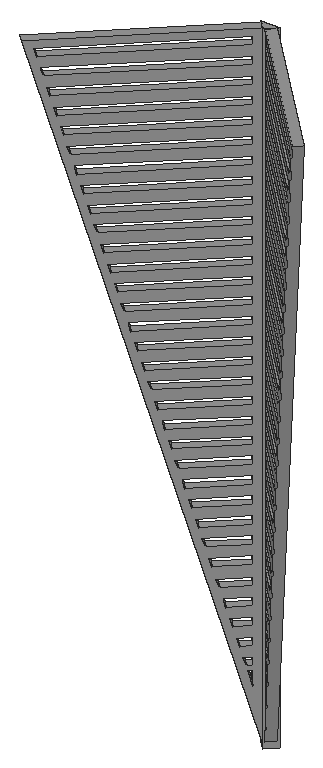
Revit family "MBS_shading panel3__down_45", category Generic Models, Revit 2014
Reference planes
  plane 1 "Center (Front/Back)": y = 0
  plane 2: z = 0
  plane 3 "Center (Left/Right)": x = 0
Dimensions and locks
  aligned and locked: level to plane 2
Nested families
  nested 1: "MBS_rounding mullion shading system3" at (100, -200, 0), type "MBS_rounding mullion shading system3"
    with rounding mullion height 2700 mm
  nested 2: "MBS_shading panel3" at (-123.793, -503.793, 25) x (-0.7071, -0.7071, 0) z (0.7071, -0.7071, 0), type "MBS_shading panel3"
    with shad panel thickness 40 mm, shad panel 1 void height 2700 mm
  nested 3: "MBS_shading panel3" at (-162.605, 62.605, 25) x (-0.7071, 0.7071, 0) z (-0.7071, -0.7071, 0), type "MBS_shading panel3"
    with shad panel thickness 40 mm, shad panel 1 void height 2700 mm
Definition of nested family "MBS_rounding mullion shading system3"
  Parameters (values of type "MBS_rounding mullion shading system3")
    rounding mullion mater = Steel, Galvanized rounding mull
    rounding mullion height [instance] = 2700 mm
    Default Elevation = 1219.2 mm
  Reference planes
    plane 1 "Center (Front/Back)": y = 0
    plane 2: z = 0
    plane 3 "Center (Left/Right)": x = 0
  Forms (mm)
    Extrusion 1, solid
      sketch origin (0, 0, 0) x (1, 0, 0) y (0, 1, 0)
        loop
          line (-1219.2, 1219.2) -> (-1219.2, -1219.2) -> (1219.2, -1219.2) -> (1219.2, 1219.2) -> (-1219.2, 1219.2)
      from 0 to -304.8
    Extrusion 2, solid, material "Steel, Galvanized rounding mull" <- "rounding mullion mater"
      sketch origin (0, 0, 0) x (1, 0, 0) y (0, 1, 0)
        loop
          line (0, 0) -> (40, -40) -> (80, 0) -> (0, 0)
      from 0 to 2700 <- "rounding mullion height"
  Dimensions and locks
    aligned and locked: plane 2 to Extrusion 1
    aligned and locked: level to Extrusion 1
Definition of nested family "MBS_shading panel3"
  Parameters (values of type "MBS_shading panel3")
    shading panel mater = Teak shading panel3
    shad panel thickness [instance] = 40 mm
    shad panel 1 void height [instance] = 2700 mm
    panel hole = 35 mm
    Default Elevation = 1219.2 mm
  Reference planes
    plane 1 "Center (Front/Back)": y = 0
    plane 2: z = 0
    plane 3 "Center (Left/Right)": x = 0
    plane 4: y = -281.851
    plane 5: y = -316.851
    plane 6: y = -356.851
    plane 7: y = -391.851
    plane 8: through (799.2, -206.851, 30) normal (0, -0.2841, -0.9588)
    plane 9: y = -431.851
    plane 10: y = -466.851
    plane 11: y = -506.851
    plane 12: y = -541.851
    plane 13: y = -581.851
    plane 14: y = -616.851
    plane 15: y = -661.851
    plane 16: y = -696.851
    plane 17: y = -736.851
    plane 18: y = -771.851
    plane 19: y = -811.851
    plane 20: y = -846.851
    plane 21: y = -886.851
    plane 22: y = -921.851
    plane 23: y = -961.851
    plane 24: y = -996.851
    plane 25: y = -1036.851
    plane 26: y = -1071.851
    plane 27: y = -1111.851
    plane 28: y = -1146.851
    plane 29: y = -1186.851
    plane 30: y = -1221.851
    plane 31: y = -1261.851
    plane 32: y = -1296.851
    plane 33: y = -1336.851
    plane 34: y = -1371.851
    plane 35: y = -1411.851
    plane 36: y = -1446.851
    plane 37: y = -1486.851
    plane 38: y = -1521.851
    plane 39: y = -1561.851
    plane 40: y = -1596.851
    plane 41: y = -1636.851
    plane 42: y = -1671.851
    plane 43: y = -1711.851
    plane 44: y = -1746.851
    plane 45: y = -1786.851
    plane 46: y = -1821.851
    plane 47: y = -1861.851
    plane 48: y = -1896.851
    plane 49: y = -1936.851
    plane 50: y = -1971.851
    plane 51: y = -2011.851
    plane 52: y = -2046.851
    plane 53: y = -2086.851
    plane 54: y = -2121.851
    plane 55: y = -2161.851
    plane 56: y = -2196.851
    plane 57: y = -2236.851
    plane 58: y = -2271.851
    plane 59: y = -2311.851
    plane 60: y = -2346.851
    plane 61: y = -2386.851
    plane 62: y = -2421.851
    plane 63: y = -2496.851
    plane 64: y = -2461.851
    plane 65: y = -2536.851
    plane 66: y = -2571.851
    plane 67: y = -2611.851
    plane 68: y = -2646.851
  Forms (mm)
    Extrusion 1, solid
      sketch origin (0, 0, 0) x (1, 0, 0) y (0, 1, 0)
        loop
          line (-1219.2, 1219.2) -> (-1219.2, -1219.2) -> (1219.2, -1219.2) -> (1219.2, 1219.2) -> (-1219.2, 1219.2)
      from 0 to -304.8
    Extrusion 2, solid, material "Teak shading panel3" <- "shading panel mater"
      sketch origin (-420, -1442.49, -227.833) x (0, 0, -1) y (0, 1, 0)
        loop
          line (-227.833, 1442.49) -> (-1020.426, -1232.51) -> (-227.833, -1232.51) -> (-227.833, 1442.49)
        loop
          line (-257.833, 1235.639) -> (-275.611, 1175.639) -> (-257.833, 1175.639) -> (-257.833, 1235.639)
        loop
          line (-257.833, 1160.639) -> (-280.056, 1160.639) -> (-290.426, 1125.639) -> (-257.833, 1125.639) -> (-257.833, 1160.639)
        loop
          line (-257.833, 1085.639) -> (-302.278, 1085.639) -> (-312.648, 1050.639) -> (-257.833, 1050.639) -> (-257.833, 1085.639)
        loop
          line (-257.833, 1010.639) -> (-324.5, 1010.639) -> (-334.87, 975.639) -> (-257.833, 975.639) -> (-257.833, 1010.639)
        loop
          line (-257.833, 860.639) -> (-368.944, 860.639) -> (-379.315, 825.639) -> (-257.833, 825.639) -> (-257.833, 860.639)
        loop
          line (-257.833, 935.639) -> (-346.722, 935.639) -> (-357.093, 900.639) -> (-257.833, 900.639) -> (-257.833, 935.639)
        loop
          line (-257.833, 780.639) -> (-392.648, 780.639) -> (-403.019, 745.639) -> (-257.833, 745.639) -> (-257.833, 780.639)
        loop
          line (-257.833, 705.639) -> (-414.87, 705.639) -> (-425.241, 670.639) -> (-257.833, 670.639) -> (-257.833, 705.639)
        loop
          line (-257.833, 630.639) -> (-437.093, 630.639) -> (-447.463, 595.639) -> (-257.833, 595.639) -> (-257.833, 630.639)
        loop
          line (-257.833, 555.639) -> (-459.315, 555.639) -> (-469.685, 520.639) -> (-257.833, 520.639) -> (-257.833, 555.639)
        loop
          line (-257.833, 480.639) -> (-481.537, 480.639) -> (-491.907, 445.639) -> (-257.833, 445.639) -> (-257.833, 480.639)
        loop
          line (-257.833, 405.639) -> (-503.759, 405.639) -> (-514.13, 370.639) -> (-257.833, 370.639) -> (-257.833, 405.639)
        loop
          line (-257.833, 330.639) -> (-525.982, 330.639) -> (-536.352, 295.639) -> (-257.833, 295.639) -> (-257.833, 330.639)
        loop
          line (-257.833, 255.639) -> (-548.204, 255.639) -> (-558.574, 220.639) -> (-257.833, 220.639) -> (-257.833, 255.639)
        loop
          line (-257.833, 180.639) -> (-570.426, 180.639) -> (-580.796, 145.639) -> (-257.833, 145.639) -> (-257.833, 180.639)
        loop
          line (-257.833, 105.639) -> (-592.648, 105.639) -> (-603.019, 70.639) -> (-257.833, 70.639) -> (-257.833, 105.639)
        loop
          line (-257.833, 30.639) -> (-614.87, 30.639) -> (-625.241, -4.361) -> (-257.833, -4.361) -> (-257.833, 30.639)
        loop
          line (-257.833, -44.361) -> (-637.093, -44.361) -> (-647.463, -79.361) -> (-257.833, -79.361) -> (-257.833, -44.361)
        loop
          line (-257.833, -119.361) -> (-659.315, -119.361) -> (-669.685, -154.361) -> (-257.833, -154.361) -> (-257.833, -119.361)
        loop
          line (-257.833, -194.361) -> (-681.537, -194.361) -> (-691.907, -229.361) -> (-257.833, -229.361) -> (-257.833, -194.361)
        loop
          line (-257.833, -269.361) -> (-703.759, -269.361) -> (-714.13, -304.361) -> (-257.833, -304.361) -> (-257.833, -269.361)
        loop
          line (-257.833, -344.361) -> (-725.982, -344.361) -> (-736.352, -379.361) -> (-257.833, -379.361) -> (-257.833, -344.361)
        loop
          line (-257.833, -419.361) -> (-748.204, -419.361) -> (-758.574, -454.361) -> (-257.833, -454.361) -> (-257.833, -419.361)
        loop
          line (-257.833, -494.361) -> (-770.426, -494.361) -> (-780.796, -529.361) -> (-257.833, -529.361) -> (-257.833, -494.361)
        loop
          line (-257.833, -569.361) -> (-792.648, -569.361) -> (-803.019, -604.361) -> (-257.833, -604.361) -> (-257.833, -569.361)
        loop
          line (-257.833, -644.361) -> (-814.87, -644.361) -> (-825.241, -679.361) -> (-257.833, -679.361) -> (-257.833, -644.361)
        loop
          line (-257.833, -719.361) -> (-837.093, -719.361) -> (-847.463, -754.361) -> (-257.833, -754.361) -> (-257.833, -719.361)
        loop
          line (-257.833, -794.361) -> (-859.315, -794.361) -> (-869.685, -829.361) -> (-257.833, -829.361) -> (-257.833, -794.361)
        loop
          line (-257.833, -869.361) -> (-881.537, -869.361) -> (-891.907, -904.361) -> (-257.833, -904.361) -> (-257.833, -869.361)
        loop
          line (-257.833, -944.361) -> (-903.759, -944.361) -> (-914.13, -979.361) -> (-257.833, -979.361) -> (-257.833, -944.361)
        loop
          line (-257.833, -1019.361) -> (-925.982, -1019.361) -> (-936.352, -1054.361) -> (-257.833, -1054.361) -> (-257.833, -1019.361)
        loop
          line (-257.833, -1094.361) -> (-948.204, -1094.361) -> (-958.574, -1129.361) -> (-257.833, -1129.361) -> (-257.833, -1094.361)
        loop
          line (-257.833, -1169.361) -> (-970.426, -1169.361) -> (-980.796, -1204.361) -> (-257.833, -1204.361) -> (-257.833, -1169.361)
      from 0 to 40 <- "shad panel thickness"
  Dimensions and locks
    "panel hole": plane 4 to plane 5
    "panel hole": plane 6 to plane 7
    "panel hole": plane 9 to plane 10
    "panel hole": plane 11 to plane 12
    "panel hole": plane 13 to plane 14
    "panel hole": plane 15 to plane 16
    "panel hole": plane 17 to plane 18
    "panel hole": plane 19 to plane 20
    "panel hole": plane 21 to plane 22
    "panel hole": plane 23 to plane 24
    "panel hole": plane 25 to plane 26
    "panel hole": plane 27 to plane 28
    "panel hole": plane 29 to plane 30
    "panel hole": plane 31 to plane 32
    "panel hole": plane 33 to plane 34
    "panel hole": plane 35 to plane 36
    "panel hole": plane 37 to plane 38
    "panel hole": plane 39 to plane 40
    "panel hole": plane 41 to plane 42
    "panel hole": plane 43 to plane 44
    "panel hole": plane 45 to plane 46
    "panel hole": plane 47 to plane 48
    "panel hole": plane 49 to plane 50
    "panel hole": plane 51 to plane 52
    "panel hole": plane 53 to plane 54
    "panel hole": plane 55 to plane 56
    "panel hole": plane 57 to plane 58
    "panel hole": plane 59 to plane 60
    "panel hole": plane 61 to plane 62
    "panel hole": plane 64 to plane 63
    "panel hole": plane 65 to plane 66
    "panel hole": plane 67 to plane 68
    aligned and locked: plane 2 to Extrusion 1
    aligned and locked: level to Extrusion 1
    aligned and locked: plane 4 to Extrusion 2 sketch curve
    aligned and locked: plane 5 to Extrusion 2 sketch curve
    aligned and locked: plane 6 to Extrusion 2 sketch curve
    aligned and locked: plane 7 to Extrusion 2 sketch curve
    aligned and locked: plane 8 to Extrusion 2 sketch curve  (x33)
    aligned and locked: plane 9 to Extrusion 2 sketch curve
    aligned and locked: plane 10 to Extrusion 2 sketch curve
    aligned and locked: plane 11 to Extrusion 2 sketch curve
    aligned and locked: plane 12 to Extrusion 2 sketch curve
    aligned and locked: plane 13 to Extrusion 2 sketch curve
    aligned and locked: plane 14 to Extrusion 2 sketch curve
    aligned and locked: plane 15 to Extrusion 2 sketch curve
    aligned and locked: plane 16 to Extrusion 2 sketch curve
    aligned and locked: plane 17 to Extrusion 2 sketch curve
    aligned and locked: plane 18 to Extrusion 2 sketch curve
    aligned and locked: plane 19 to Extrusion 2 sketch curve
    aligned and locked: plane 20 to Extrusion 2 sketch curve
    aligned and locked: plane 21 to Extrusion 2 sketch curve
    aligned and locked: plane 22 to Extrusion 2 sketch curve
    aligned and locked: plane 23 to Extrusion 2 sketch curve
    aligned and locked: plane 24 to Extrusion 2 sketch curve
    aligned and locked: plane 25 to Extrusion 2 sketch curve
    aligned and locked: plane 26 to Extrusion 2 sketch curve
    aligned and locked: plane 27 to Extrusion 2 sketch curve
    aligned and locked: plane 28 to Extrusion 2 sketch curve
    aligned and locked: plane 29 to Extrusion 2 sketch curve
    aligned and locked: plane 30 to Extrusion 2 sketch curve
    aligned and locked: plane 31 to Extrusion 2 sketch curve
    aligned and locked: plane 32 to Extrusion 2 sketch curve
    aligned and locked: plane 33 to Extrusion 2 sketch curve
    aligned and locked: plane 34 to Extrusion 2 sketch curve
    aligned and locked: plane 35 to Extrusion 2 sketch curve
    aligned and locked: plane 36 to Extrusion 2 sketch curve
    aligned and locked: plane 37 to Extrusion 2 sketch curve
    aligned and locked: plane 38 to Extrusion 2 sketch curve
    aligned and locked: plane 39 to Extrusion 2 sketch curve
    aligned and locked: plane 40 to Extrusion 2 sketch curve
    aligned and locked: plane 41 to Extrusion 2 sketch curve
    aligned and locked: plane 42 to Extrusion 2 sketch curve
    aligned and locked: plane 43 to Extrusion 2 sketch curve
    aligned and locked: plane 44 to Extrusion 2 sketch curve
    aligned and locked: plane 45 to Extrusion 2 sketch curve
    aligned and locked: plane 46 to Extrusion 2 sketch curve
    aligned and locked: plane 47 to Extrusion 2 sketch curve
    aligned and locked: plane 48 to Extrusion 2 sketch curve
    aligned and locked: plane 49 to Extrusion 2 sketch curve
    aligned and locked: plane 50 to Extrusion 2 sketch curve
    aligned and locked: plane 51 to Extrusion 2 sketch curve
    aligned and locked: plane 52 to Extrusion 2 sketch curve
    aligned and locked: plane 53 to Extrusion 2 sketch curve
    aligned and locked: plane 54 to Extrusion 2 sketch curve
    aligned and locked: plane 55 to Extrusion 2 sketch curve
    aligned and locked: plane 56 to Extrusion 2 sketch curve
    aligned and locked: plane 57 to Extrusion 2 sketch curve
    aligned and locked: plane 58 to Extrusion 2 sketch curve
    aligned and locked: plane 59 to Extrusion 2 sketch curve
    aligned and locked: plane 60 to Extrusion 2 sketch curve
    aligned and locked: plane 61 to Extrusion 2 sketch curve
    aligned and locked: plane 62 to Extrusion 2 sketch curve
    aligned and locked: plane 63 to Extrusion 2 sketch curve
    aligned and locked: plane 64 to Extrusion 2 sketch curve
    aligned and locked: plane 65 to Extrusion 2 sketch curve
    aligned and locked: plane 66 to Extrusion 2 sketch curve
    aligned and locked: plane 67 to Extrusion 2 sketch curve
    aligned and locked: plane 68 to Extrusion 2 sketch curve
  Automatic sketch dimensions
    Extrusion 1 sketch curve to Extrusion 1 sketch curve = 2438.4 mm  (x2)
    Extrusion 2 sketch curve to level = 0 mm
    Extrusion 2 sketch curve to plane 1 "Center (Front/Back)" = 0 mm
    Extrusion 2 sketch curve to plane 68 = 28.149 mm
    Extrusion 2 sketch curve to Extrusion 2 sketch curve = 39.63 mm
    plane 4 to Extrusion 2 sketch curve = 15 mm
    level to Extrusion 2 sketch curve = 30 mm  (x32)
    Extrusion 2 sketch curve to Extrusion 2 sketch curve = 0 mm
